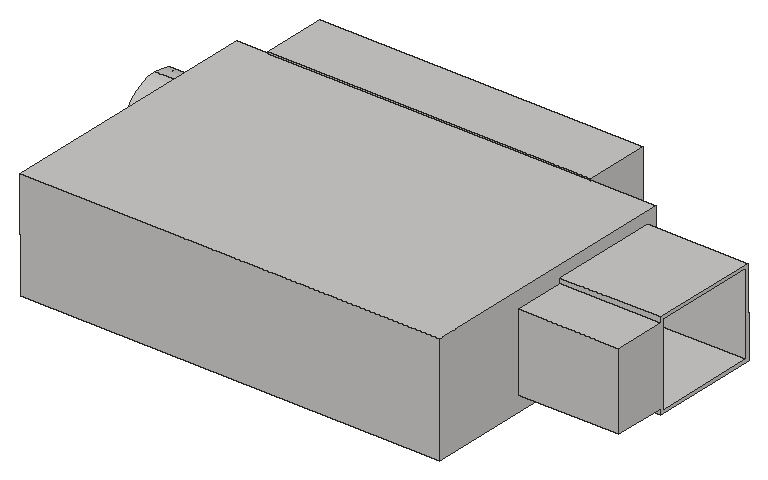
Revit family
Parameters
  Width = 2' - 2"
  Voltage = 277 V
  Unit Weight = "136.0 lbs"
  URL = "http://www.titus-hvac.com/"
  UL = "181"
  Supply Air Flow [instance] = 0 CFM
  Primary Air Pressure Drop [instance] = 0.00 in-wg
  Primary Air Flow [instance] = 0 CFM
  Plenum Air Pressure Drop [instance] = 0.00 in-wg
  Plenum Air Flow [instance] = 0 CFM
  Outlet Width = 0' - 10 1/2"
  Outlet Vertical Offset = 0' - 2 1/4"
  Outlet Horizontal Offset = 0' - 1 1/16"
  Outlet Height = 0' - 8 3/8"
  Number of Poles = 1
  Nominal Width = Width + 0' 6 1/4"  # 2' - 8 1/4"
  Nominal Length = Length + 0' 3 3/8" + 0' 9 3/4"  # 4' - 5 3/8"
  Nominal Inlet Size = 0' - 8"
  Nominal Height = 0' - 10 5/8"  # constant formula
  NFPA = "90A"
  Motor Full Load Amps [instance] = 1.2 A
  Model = "DFLS"
  Min. Air Flow = 0 CFM
  Max. Air Flow = 900 CFM
  Material = Steel
  Manufacturer = "Titus"
  Lynergy Controlled Heater = no
  Length = 3' - 4 1/4"
  Juction Box Offset = 0' - 3"
  Inlet Diameter = Nominal Inlet Size - 0' 0 1/8"  # 0' - 7 7/8"
  Induced Air Inlet Vertical Offset = 0' - 0 5/8"
  Induced Air Inlet Horizontal Offset = 0' - 0 7/8"
  Induced Air Inlet Width = 1' - 2 5/8"
  Induced Air Inlet Height = 0' - 8 3/4"
  Induced Air Filter = no
  Height = 0' - 10 1/2"
  Heating Total Capacity [instance] = 0 Btu/h
  Half Outlet Connection Width = Outlet Width / 2  # 0' - 5 1/4"
  Half Outlet Connection Height = Outlet Height / 2  # 0' - 4 3/16"
  Half Height Start = -(Height / 2)  # -0' - 5 1/4"
  Half Height End = Height / 2  # 0' - 5 1/4"
  HP-Motor = "1/6"
  Fuse Block = no
  Frequency = 60 Hz
  Foil Face Liner = Choose Liner Option = 1  # no
  Fiber Free Liner = Choose Liner Option = 2  # no
  Electric Heat Power [instance] = 0 VA
  Duct Radius = Nominal Inlet Size / 2  # 0' - 4"
  Disconnect Switch = no
  Description = "Series Fan Powered Terminal Unit, Direct Digital Control, Pressure Independent, Low Profile"
  Connection Void Radius = Connection Radius - 0' 0 1/4"  # 0' - 3 11/16"
  Connection Radius = Inlet Diameter / 2  # 0' - 3 15/16"
  Choose Liner Option = 0
  CADworks URL = "www.CADworks.net"
  Assembly Code = "D3040100"
  Apparent Power [instance] = Electric Heat Power + Motor Full Load Amps * Voltage  # 332.4 VA
  Air Inlet Offset = 0' - 5 5/8"
  1/2" Fiberglass Liner = Choose Liner Option = 0  # yes
Reference planes (in)
  plane 1 "Center (Front/Back)": y = 0
  plane 2: z = 0
  plane 3 "Center (Left/Right)": x = 3
  plane 4: x = -17.125
  plane 5: x = 23.125
  plane 6: x = -14.125
  plane 7: x = -20.5
  plane 8 "Center (Elevation)": z = 0
  plane 9: y = -13
  plane 10: y = 13
  plane 11: y = 7.375
  plane 12: y = -12.125
  plane 13: z = 5.25
  plane 14: z = -5.25
  plane 15: x = -11.125
  plane 16: y = 19.25
  plane 17: x = 32.875
Forms (in)
  Extrusion 1, solid, material "Steel" <- "Material"
    sketch origin (0, 0, 0) x (1, 0, 0) y (0, 1, 0)
      loop
        line (-17.125, 13) -> (-17.125, -13) -> (23.125, -13) -> (23.125, 13) -> (-17.125, 13)
    from -5.25 <- "Half Height Start" to 5.25 <- "Half Height End"
  Extrusion 2, solid, material "Steel" <- "Material"
    sketch origin (4.5, 0, -4.25) x (1, 0, 0) y (0, 1, 0)
      loop
        line (-18.625, 13) -> (12.375, 13) -> (12.375, 19.25) -> (-18.625, 19.25) -> (-18.625, 13)
    from 0 to 9.625
  Extrusion 3, solid, material "Steel" <- "Material"
    sketch origin (-24.875, -5.125, 0) x (0, 0, -1) y (0, 1, 0)
      loop
        circle (0, 12.5) r 3.9375
    from 4.375 to 7.75
  Extrusion 4, void
    sketch origin (-24.875, 0, 0) x (0, 1, 0) y (0, 0, 1)
      loop
        circle (7.375, 0) r 3.6875
    from 4.375 to 13.75
  Extrusion 5, void
    sketch origin (-17.125, -13, 0) x (0, -1, 0) y (0, 0, -1)
      loop
        line (-15.5, -4.125) -> (-0.875, -4.125) -> (-0.875, 4.625) -> (-15.5, 4.625) -> (-15.5, -4.125)
    from 0 to 6
  Extrusion 6, solid, material "Steel" <- "Material"
    sketch origin (23.125, 42.625, 0) x (0, -1, 0) y (0, 0, -1)
      loop
        line (46.25, -3.6875) -> (46.25, 3.6875) -> (41.25, 3.6875) -> (41.25, 4.1875) -> (30.75, 4.1875) -> (30.75, -4.1875) -> (41.25, -4.1875) -> (41.25, -3.6875) -> (46.25, -3.6875)
      loop
        line (41, -3.9375) -> (41, 3.9375) -> (31, 3.9375) -> (31, -3.9375) -> (41, -3.9375)
    from 0 to 9.75
Cuts and joins
  Extrusion 4, Extrusion 5 cuts Extrusion 1
  Extrusion 4 cuts Extrusion 3
Dimensions and locks (in)
  "Length": plane 5 to plane 4
  equal spacing: plane 5, plane 3 "Center (Left/Right)", plane 4, locked at 20.125 each
  locked: Extrusion 2 to Extrusion 2 at 31
  "Juction Box Offset": plane 6 to plane 4
  locked: plane 4 to plane 7 at 3.375
  "Width": plane 9 to plane 10
  equal spacing: plane 9, plane 1 "Center (Front/Back)", plane 10, locked at 13 each
  locked: Extrusion 2 to Extrusion 2 at 6.25
  locked: cut or joined group of Extrusion 3, Extrusion 4 to plane 11 at 0
  locked: Extrusion 4 sketch curve to plane 11 at 0  (x2)
  "Air Inlet Offset": plane 10 to plane 11
  locked: cut or joined group of Extrusion 3, Extrusion 4 to cut or joined group of Extrusion 3, Extrusion 4 at 3.375
  "Induced Air Inlet Horizontal Offset": plane 9 to plane 12
  "Induced Air Inlet Width": Extrusion 5 sketch curve to Extrusion 5 sketch curve
  "Induced Air Inlet Height": Extrusion 5 sketch curve to Extrusion 5 sketch curve
  "Induced Air Inlet Horizontal Offset": Extrusion 5 sketch curve to plane 9
  locked: Extrusion 6 sketch curve to Extrusion 6 sketch curve at 5  (x2)
  locked: Extrusion 3 sketch curve to level at 0
  locked: Extrusion 3 sketch curve to plane 11 at 0
  locked: Extrusion 4 sketch curve to level at 0
  "Induced Air Inlet Vertical Offset": cut or joined group of Extrusion 1, Extrusion 4, Extrusion 5 to Extrusion 5 sketch curve
  locked: plane 5 to plane 17 at 9.75
  equal spacing: plane 13, level, plane 14, locked at 5.25 each
  locked: Extrusion 2 to Extrusion 2 at 9.625
  locked: plane 14 to Extrusion 2 at 1
  Extrusion 6 sketch curve to Extrusion 6 sketch curve = 0' - 7 3/8"
  equal spacing: Extrusion 6 sketch curve, level, Extrusion 6 sketch curve, locked at 3.6875 each
  locked: Extrusion 6 sketch curve to Extrusion 6 sketch curve at 0.5  (x2)
  "Outlet Width": Extrusion 6 sketch curve to Extrusion 6 sketch curve
  locked: Extrusion 6 sketch curve to plane 10 at 1.125
  "Outlet Height": Extrusion 6 sketch curve to Extrusion 6 sketch curve
  equal spacing: Extrusion 6 sketch curve, level, Extrusion 6 sketch curve, locked at 4.1875 each
  locked: Extrusion 6 sketch curve to Extrusion 6 sketch curve at 0.25  (x4)
  "Connection Radius": radius of Extrusion 3 sketch curve
  "Connection Void Radius": radius of Extrusion 4 sketch curve
  aligned and locked: plane 13 to cut or joined group of Extrusion 1, Extrusion 4, Extrusion 5
  aligned and locked: plane 14 to cut or joined group of Extrusion 1, Extrusion 4, Extrusion 5
  aligned and locked: plane 15 to Extrusion 5
  aligned and locked: Extrusion 5 to Extrusion 4
  aligned and locked: plane 16 to Extrusion 2
  aligned and locked: plane 10 to cut or joined group of Extrusion 1, Extrusion 4, Extrusion 5
  aligned and locked: plane 4 to cut or joined group of Extrusion 1, Extrusion 4, Extrusion 5  (x3)
  aligned and locked: plane 5 to cut or joined group of Extrusion 1, Extrusion 4, Extrusion 5
  aligned and locked: plane 9 to cut or joined group of Extrusion 1, Extrusion 4, Extrusion 5
  aligned and locked: plane 12 to cut or joined group of Extrusion 1, Extrusion 4, Extrusion 5
  aligned and locked: plane 15 to cut or joined group of Extrusion 1, Extrusion 4, Extrusion 5  (x2)
  aligned and locked: plane 7 to cut or joined group of Extrusion 3, Extrusion 4  (x2)
  aligned and locked: plane 4 to cut or joined group of Extrusion 3, Extrusion 4
  aligned and locked: plane 6 to Extrusion 2
  aligned and locked: plane 10 to Extrusion 2
  aligned and locked: plane 5 to Extrusion 6
  aligned and locked: plane 17 to Extrusion 6
Automatic sketch dimensions
  Extrusion 1 sketch curve to plane 4 = 0' - 0"
  Extrusion 1 sketch curve to plane 5 = 0' - 0"
  Extrusion 1 sketch curve to plane 9 = 0' - 0"
  Extrusion 1 sketch curve to plane 10 = 0' - 0"
  Extrusion 2 sketch curve to plane 6 = 0' - 0"
  Extrusion 2 sketch curve to plane 10 = 0' - 0"
  Extrusion 2 sketch curve to plane 5 = 0' - 6 1/4"
  Extrusion 2 sketch curve to Extrusion 2 sketch curve = 0' - 6 1/4"
  Extrusion 6 sketch curve to Extrusion 6 sketch curve = 0' - 0 1/4"  (x2)
Connectors (in)
  electrical at (1.375, 19.25, 0.5625), driven by "Apparent Power", driven by "Voltage", driven by "Number of Poles"
    settings: on Extrusion 2, index 8
  hvac at (-20.5, 7.375, 0), driven by "Primary Air Flow", driven by "Duct Radius", driven by "Primary Air Pressure Drop"
    settings: on cut or joined group of Extrusion 3, Extrusion 4, index 9
  hvac at (-17.125, -4.8125, -0.25), driven by "Plenum Air Flow", driven by "Induced Air Inlet Height", driven by "Induced Air Inlet Width", driven by "Plenum Air Pressure Drop"
    settings: on cut or joined group of Extrusion 1, Extrusion 4, Extrusion 5, index 10
  hvac at (32.875, 6.625, 0), driven by "Supply Air Flow", driven by "Outlet Height", driven by "Outlet Width"
    settings: on Extrusion 6, index 13
